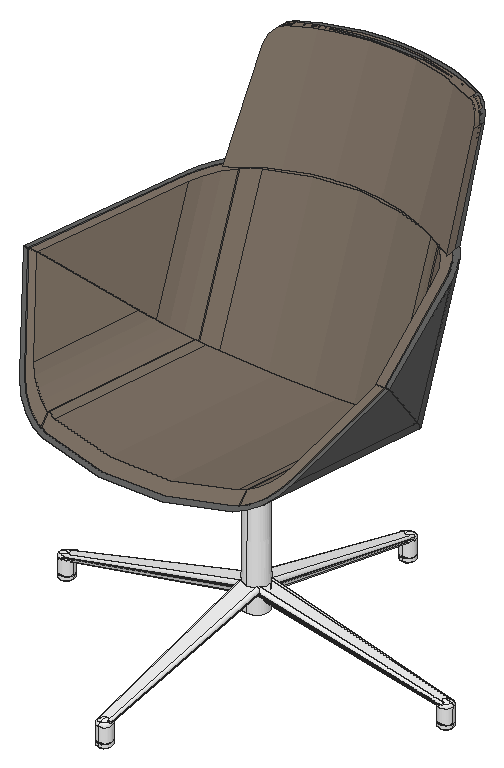
Revit family "Chair-Multi_Purpose-Allermuir-Phoulds PH4U", category Furniture, Revit 2012
Parameters (values of type "PH4U")
  ecoScorecard_data = "http://thesenatorgroup.ecoscorecard.com/product/PH1"
  ecoScorecard Product Page = "http://products.ecoscorecard.com/allermuir/PH1?action=html"
  White Plastic Back Membrane [instance] = no
  Weight = 18.0 lbf
  Upholstered Seat = ""
  Upholstered Back = ""
  URL = "http://www.allermuir.net/Default.aspx"
  Two Tone Upholstery [instance] = yes
  Swaged Tubular Steel Legs = ""
  Subcategory = "Multi-Purpose"  # constant formula
  Stacks = no
  Specifications URL = ""
  Seat or Base = Fabric - Allermuir - Smooth -Pebbled - Black
  Seat Width = 19 1/4"
  Seat Height = 16 1/8"
  Seat Depth Adjustment = no
  Seat Depth = 18 1/2"
  Seat = Fabric - Allermuir - Smooth -Pebbled - Black
  Product Page URL = "http://www.allermuir.net/Products.aspx?RangeId=502"
  Product Line = "Phoulds"  # constant formula
  Pricing URL = ""
  Polished Aluminum Arm Carrier [instance] = yes
  Plugin Data URL = "http://products.ecoscorecard.com/thesenatorgroup/PH1"
  Plastic Arms in Black = ""
  Pedestal Base = ""
  Overall Width = 23 1/2"
  Overall Height = 35"
  Overall Depth = 22 1/4"
  Optional Feature Notes = "Retracktable linking facility, soft touchh arm pads, polished aluminum frame"
  Negative Seat Tilt = no
  Model = "PH4U"  # constant formula
  Manufacturer Toll Free Phone = "(888) 887 5806"  # constant formula
  Manufacturer Phone = "(419) 887 5806"  # constant formula
  Manufacturer Fax = "(419) 887 5805"  # constant formula
  Manufacturer Email = "mailto:contact@allermuir-na.com"
  Manufacturer Address = "1630 Holland Road, Maumee, Ohio 43537 "  # constant formula
  Manufacturer = "Allermuir"  # constant formula
  Lumbar Adjustment [instance] = no
  Leg = Metal - Allermuir - Chrome - Polished
  LEED Stats URL = ""
  Height Adjustable Arms with Multi funtction Pad = no
  Height Adjustable Arms = no
  Glides = Fabric - Allermuir - Smooth -Pebbled - Black
  Glides = Fabric - Allermuir - Smooth -Pebbled - Black
  Fabric Spec Sheets = "http://www.allermuir.net/Services/File.ashx?Type=B&Id=51"
  Detachable writing table = no
  Description = ""
  Cushion = Plastic - Allermuir - Canvas - Brown
  Color Availability = "See price list for material options"
  Caster Options [instance] = "NO"
  CAD Blocks URL = ""
  Brochure URL = ""
  Black Plastic Back Membrane = no
  Black Gas Lift = no
  Black GRP Base = no
  Black Components = yes
  Base or Frame = ""
  Base Type = ""
  Base 2 = yes
  Base = Metal - Allermuir - Chrome - Polished
  Base = Metal - Allermuir - Chrome - Polished
  Back frame with integral arms in a soft touch Plastic [instance] = no
  Assembly Code = "E2020200"
  Arm Height = 25 1/8"
  Airflow Back Mesh = no
  Advanced Sync Tilt with Multi Position Back = no
  95 CSI = "12510"  # constant formula
  2.5" Casters = no
  04 CSI = "12 51 00"  # constant formula
Reference planes (in)
  plane 1 "Center Front/Back": y = 0
  plane 2: z = 0
  plane 3 "Center Left/Right": x = 0
  plane 4: z = 16.125
  plane 5: through (0, -10.22784, 13.88249) normal (0, -0.1219, -0.9925)
  plane 6: x = -11.75
  plane 7: x = 11.75
  plane 8: y = 11.125
  plane 9: y = -11.125
  plane 10: z = 35
  plane 11: z = 25.125
Forms (in)
  Sweep 1, solid, material "Fabric - Allermuir - Smooth -Pebbled - Black" <- "Seat"
    path origin (0, -0.25, -0.75) x (0, 1, 0) y (0, 0, 1)
      loop
        line (-11.89844, 16.3655) -> (9.2707, 14.51344)
    profile origin (0, -1.56387, 14.68947) x (0, 0.087156, 0.996195) y (1, 0, 0)
      loop
        line (10.22646, -14.1297) -> (10.35417, -13.85584) -> (4.13518, -10.19268)
        arc (4.13518, -10.19268) -> (2.67616, -8.88237) -> (1.84056, -7.10827) r 4.94922
        arc (1.84056, -7.10827) -> (0.98083, 0.04523) -> (1.86232, 7.19607) r 29.81321
        arc (1.86232, 7.19607) -> (2.6988, 8.9616) -> (4.15333, 10.26587) r 4.94922
        line (4.15333, 10.26587) -> (10.11837, 13.77945) -> (9.96571, 14.03861) -> (4.00067, 10.52503)
        arc (4.00067, 10.52503) -> (2.45775, 9.14149) -> (1.57043, 7.26867) r 5.25
        arc (1.57043, 7.26867) -> (0.68004, 0.04568) -> (1.54845, -7.17998) r 30.11399
        arc (1.54845, -7.17998) -> (2.43483, -9.0619) -> (3.98253, -10.45185) r 5.25
        line (3.98253, -10.45185) -> (10.22646, -14.1297)
  Extrusion 2, void
    sketch origin (0, 0, 0) x (0, 1, 0) y (0, 0, 1)
      loop
        line (-4.75953, 24.9148) -> (6.57868, 14.34174) -> (10.07868, 14.34174) -> (10.07868, 26.84174) -> (-12.88911, 26.84174) -> (-12.88911, 15.34246) -> (-4.75953, 24.9148)
    from -16.14134 to 16.94603
  Sweep 3, solid, material "Fabric - Allermuir - Smooth -Pebbled - Black" <- "Seat"
    path origin (0, 22.76748, 13.84241) x (0, -0.433838, -0.900991) y (0, -0.900991, 0.433838)
      loop
        line (-11.89844, 16.3655) -> (9.2707, 14.51344)
    profile origin (0, 9.42666, 21.72442) x (0, 0.935374, -0.35366) y (1, 0, 0)
      loop
        spline (-5.4924, -10.45185) -> (-5.03765, -10.25909) -> (-4.60738, -10.0486) -> (-4.20083, -9.81986) -> (-3.81693, -9.57207) -> (-3.45775, -9.30674) -> (-3.12791, -9.02722) -> (-2.8272, -8.73288) -> (-2.5561, -8.42481) -> (-2.31794, -8.10668) -> (-2.11372, -7.77959) -> (-1.9423, -7.4423) -> (-1.80352, -7.09461)
        spline (-1.80352, -7.09461) -> (-1.41658, -5.95002) -> (-1.09827, -4.781) -> (-0.84988, -3.59234) -> (-0.67245, -2.38893) -> (-0.56669, -1.17571) -> (-0.53305, 0.04233) -> (-0.57166, 1.26021) -> (-0.68236, 2.47291) -> (-0.86469, 3.67546) -> (-1.11792, 4.86293) -> (-1.44099, 6.03042) -> (-1.83259, 7.17316)
        spline (-1.83259, 7.17316) -> (-1.97178, 7.52039) -> (-2.1435, 7.85719) -> (-2.34788, 8.18376) -> (-2.58606, 8.50132) -> (-2.8571, 8.80883) -> (-3.15771, 9.1027) -> (-3.48729, 9.38173) -> (-3.84615, 9.64661) -> (-4.22969, 9.894) -> (-4.63579, 10.1224) -> (-5.06554, 10.33256) -> (-5.51967, 10.52503)
        line (-5.51967, 10.52503) -> (-14.62913, 14.09526) -> (-14.74772, 13.79266) -> (-5.7491, 10.26587)
        spline (-5.7491, 10.26587) -> (-5.32075, 10.08432) -> (-4.91542, 9.88607) -> (-4.53239, 9.67062) -> (-4.17067, 9.43723) -> (-3.83225, 9.18735) -> (-3.52145, 8.92412) -> (-3.23801, 8.64688) -> (-2.98248, 8.35677) -> (-2.75797, 8.0572) -> (-2.56536, 7.74912) -> (-2.40357, 7.43137) -> (-2.27247, 7.10379)
        spline (-2.27247, 7.10379) -> (-1.88454, 5.97216) -> (-1.56448, 4.81598) -> (-1.31362, 3.64003) -> (-1.13298, 2.44911) -> (-1.02331, 1.24814) -> (-0.98506, 0.04204) -> (-1.01838, -1.16422) -> (-1.12314, -2.36571) -> (-1.29891, -3.55747) -> (-1.54496, -4.73461) -> (-1.86029, -5.8923) -> (-2.24359, -7.02578)
        spline (-2.24359, -7.02578) -> (-2.37431, -7.35378) -> (-2.53582, -7.67195) -> (-2.7283, -7.9805) -> (-2.95278, -8.28059) -> (-3.20837, -8.57119) -> (-3.49191, -8.84886) -> (-3.80293, -9.11253) -> (-4.14164, -9.36283) -> (-4.50369, -9.59657) -> (-4.88711, -9.81233) -> (-5.29292, -10.01087) -> (-5.72183, -10.19268)
        line (-5.72183, -10.19268) -> (-14.80799, -13.75378) -> (-14.6894, -14.05638) -> (-5.4924, -10.45185)
  Extrusion 4, void
    sketch origin (0, 0, 0) x (0, 1, 0) y (0, 0, 1)
      loop
        line (-4.75953, 24.9148) -> (12.33337, 27.65431) -> (13.49805, 32.00097) -> (-1.1601, 37.3361) -> (-9.16581, 16.4805) -> (5.18886, 11.25583) -> (6.72972, 14.2009) -> (-4.75953, 24.9148)
    from 20.2764 to -20.71072
  Sweep 5, solid, material "Fabric - Allermuir - Smooth -Pebbled - Black" <- "Seat"
    path origin (-0.02347, 23.12518, 13.84241) x (0.000781, -0.433837, -0.900991) y (-0.001623, 0.900989, -0.433838)
      loop
        line (-18.3737, -16.93201) -> (-5.42317, -15.79899) -> (-4.92507, -15.75541)
    profile origin (-0.00621, 13.54202, 31.66276) x (-0.001685, 0.935372, -0.35366) y (0.999998, 0.001801, 0)
      loop
        arc (-3.86573, 9.40569) -> (-1.32683, 0) -> (-3.86573, -9.40569) r 18.69174
        line (-3.86573, -9.40569) -> (-3.51518, -9.55048)
        arc (-3.51518, -9.55048) -> (-0.83787, 0) -> (-3.51518, 9.55048) r 18.37285
        line (-3.51518, 9.55048) -> (-3.86573, 9.40569)
  Sweep 6, solid, material "Plastic - Allermuir - Canvas - Brown" <- "Cushion"
    path origin (0.09758, 22.82449, 13.84241) x (-0.002678, -0.43383, -0.900991) y (0.005562, 0.900974, -0.433838)
      loop
        line (-18.7153, -16.31202) -> (-4.73596, -15.55155)
    profile origin (0.04037, 13.55729, 31.3189) x (0.005699, 0.923209, -0.384256) y (0.999981, -0.006173, 0)
      loop
        arc (-4.30764, 9.32642) -> (-1.94309, -0.00016) -> (-4.30567, -9.32723) r 19.584
        line (-4.30567, -9.32723) -> (-3.86932, -9.50746)
        arc (-3.86932, -9.50746) -> (-1.40683, 0.00594) -> (-3.79429, 9.53845) r 19.91113
        line (-3.79429, 9.53845) -> (-4.30764, 9.32642)
  Sweep 7, solid, material "Plastic - Allermuir - Canvas - Brown" <- "Cushion"
    path origin (0, -0.25, -0.71875) x (0, 1, 0) y (0, 0, 1)
      loop
        line (-11.89844, 16.3655) -> (9.2707, 14.51344)
    profile origin (0, -1.56387, 14.72072) x (0, 0.087156, 0.996195) y (1, 0, 0)
      loop
        line (10.22255, -13.77831) -> (10.4683, -13.2513) -> (4.84462, -9.93879)
        arc (4.84462, -9.93879) -> (3.42173, -8.66094) -> (2.60682, -6.93077) r 4.82665
        arc (2.60682, -6.93077) -> (1.76838, 0.04557) -> (2.62804, 7.01932) r 29.07487
        arc (2.62804, 7.01932) -> (3.44381, 8.74112) -> (4.86231, 10.01309) r 4.82665
        line (4.86231, 10.01309) -> (10.26202, 13.19367) -> (9.96825, 13.6924) -> (4.15094, 10.26584)
        arc (4.15094, 10.26584) -> (2.64623, 8.91656) -> (1.78088, 7.09012) r 5.11998
        arc (1.78088, 7.09012) -> (0.91255, 0.04601) -> (1.75945, -7.0007) r 29.3682
        arc (1.75945, -7.0007) -> (2.62388, -8.83602) -> (4.13325, -10.19154) r 5.11998
        line (4.13325, -10.19154) -> (10.22255, -13.77831)
  Extrusion 8, void
    sketch origin (0, 0, 0) x (1, 0, 0) y (0, 0, 1)
      loop
        line (-7.58883, 29.26654) -> (-7.58883, 16.04692) -> (-7.55758, 16.04692) -> (-7.55758, 29.26654) -> (-7.58883, 29.26654)
    from -14.27915 to 18.22316
  Extrusion 9, void
    sketch origin (0, 0, 0) x (-1, 0, 0) y (0, 0, -1)
      loop
        line (-7.58883, -32.00097) -> (-7.55758, -32.00097) -> (-7.55758, -16.04692) -> (-7.58883, -16.04692) -> (-7.58883, -32.00097)
    from -14.27915 to 18.22316
  Sweep 10, solid, material "Plastic - Allermuir - Canvas - Brown" <- "Cushion"
    path origin (0, 22.01748, 13.84241) x (0, -0.433838, -0.900991) y (0, 0.900991, -0.433838)
      loop
        line (-11.89844, -16.3655) -> (9.2707, -14.51344)
    profile origin (0, 8.67666, 21.72442) x (0, 0.935374, -0.35366) y (1, 0, 0)
      loop
        spline (-5.08918, -10.14231) -> (-4.64354, -9.95341) -> (-4.22188, -9.74714) -> (-3.82347, -9.52298) -> (-3.44725, -9.28015) -> (-3.09526, -9.02013) -> (-2.77203, -8.74621) -> (-2.47734, -8.45776) -> (-2.21166, -8.15586) -> (-1.97828, -7.8441) -> (-1.77814, -7.52355) -> (-1.61016, -7.19302) -> (-1.47415, -6.85229)
        spline (-1.47415, -6.85229) -> (-1.09953, -5.74383) -> (-0.79154, -4.61166) -> (-0.55146, -3.46046) -> (-0.38027, -2.29497) -> (-0.27868, -1.12) -> (-0.24712, 0.05959) -> (-0.28571, 1.23893) -> (-0.3943, 2.41317) -> (-0.57243, 3.57744) -> (-0.81936, 4.72695) -> (-1.13409, 5.85695) -> (-1.51531, 6.96278)
        spline (-1.51531, 6.96278) -> (-1.64957, 7.29769) -> (-1.8152, 7.62256) -> (-2.01234, 7.93755) -> (-2.24207, 8.24385) -> (-2.5035, 8.54046) -> (-2.79345, 8.82391) -> (-3.11135, 9.09304) -> (-3.45749, 9.34853) -> (-3.82742, 9.58716) -> (-4.21913, 9.80745) -> (-4.63364, 10.01016) -> (-5.07167, 10.19581)
        line (-5.07167, 10.19581) -> (-14.28594, 13.80711) -> (-14.50953, 13.23662) -> (-4.93841, 9.48546)
        arc (-4.93841, 9.48546) -> (-3.16873, 8.30613) -> (-2.04926, 6.498) r 5
        arc (-2.04926, 6.498) -> (-0.93367, 0.04985) -> (-2.01629, -6.40392) r 19.4809
        arc (-2.01629, -6.40392) -> (-3.13536, -8.22697) -> (-4.9139, -9.41549) r 5
        line (-4.9139, -9.41549) -> (-14.56774, -13.19907) -> (-14.34415, -13.76956) -> (-5.08918, -10.14231)
  Extrusion 11, void
    sketch origin (0, 0, 0) x (1, 0, 0) y (0, 0, 1)
      loop
        line (8.60524, 26.84917) -> (8.13215, 33.95942)
        arc (8.13215, 33.95942) -> (7.74219, 34.81287) -> (6.88461, 35.19367) r 1.32422
        arc (6.88461, 35.19367) -> (0.03374, 35.39764) -> (-6.81849, 35.24573) r 132.00045
        arc (-6.81849, 35.24573) -> (-7.68094, 34.86951) -> (-8.07577, 34.01542) r 1.32422
        line (-8.07577, 34.01542) -> (-8.57624, 26.85841)
        arc (-8.57624, 26.85841) -> (0.01478, 27.36955) -> (8.60524, 26.84917) r 71.80353
      loop
        line (9.65231, 25.20039) -> (9.65231, 39.70039) -> (-10.47269, 39.70039) -> (-10.47269, 25.20039) -> (9.65231, 25.20039)
    from -15.49215 to -5.98762
  Extrusion 12, solid, material "Metal - Allermuir - Chrome - Polished" <- "Base", visible <- "Base 2"
    sketch origin (0, 2.32732, 14.55375) x (0, 0.996482, -0.083813) y (-1, 0, 0)
      loop
        circle (-2.34349, 0) r 2.95218
    from 0.23477 to 0.63973
  Revolve 13, solid, material "Metal - Allermuir - Chrome - Polished" <- "Base", visible <- "Base 2"
    sketch origin (0, 0, 0) x (0, 1, 0) y (0, 0, 1)
      loop
        line (0.91545, 15.20843) -> (0, 15.20843) -> (0, 3.03886) -> (0.89794, 3.03886) -> (0.78959, 12.79999) -> (0.91545, 12.79999) -> (0.91545, 15.20843)
      axis (0, 15.20843) -> (0, 3.03886)
    angle from 0 to 360
  SweptBlend 14, solid, material "Metal - Allermuir - Chrome - Polished" <- "Base", visible <- "Base 2"
    path origin (0, 0.41515, 15.26006) x (0, 0.99303, 0.117861) y (-1, 0, 0)
      loop
        line (-2.35152, 0) -> (-16.42951, 0)
    profile origin (0, -1.91998, 14.98291) x (1, 0, 0) y (0, -0.117861, 0.99303)
      loop
        arc (-0.58196, -10.10113) -> (-0.7789, -10.19802) -> (-0.84908, -10.40598) r 0.28584
        arc (-0.84908, -10.40598) -> (-0.84517, -10.44526) -> (-0.83886, -10.48422) r 0.64331
        arc (-0.83886, -10.48422) -> (-0.82082, -10.52084) -> (-0.78669, -10.54323) r 0.07755
        arc (-0.78669, -10.54323) -> (-0.418, -10.77549) -> (-0.20431, -11.15525) r 0.88744
        arc (-0.20431, -11.15525) -> (0.00001, -11.31159) -> (0.20433, -11.15525) r 0.21168
        arc (0.20433, -11.15525) -> (0.418, -10.77551) -> (0.78665, -10.54324) r 0.88744
        arc (0.78665, -10.54324) -> (0.82083, -10.52082) -> (0.83888, -10.48416) r 0.07763
        arc (0.83888, -10.48416) -> (0.84513, -10.44563) -> (0.84904, -10.40679) r 0.64331
        arc (0.84904, -10.40679) -> (0.77905, -10.19864) -> (0.58208, -10.10153) r 0.28589
        arc (0.58208, -10.10153) -> (0.00007, -10.08285) -> (-0.58196, -10.10113) r 9.17184
    end profile origin (0, -15.89985, 13.32366) x (1, 0, 0) y (0, -0.117861, 0.99303)
      loop
        arc (-0.30426, -11.64369) -> (-0.40723, -11.69434) -> (-0.44392, -11.80307) r 0.14944
        arc (-0.44392, -11.80307) -> (-0.44188, -11.82361) -> (-0.43858, -11.84397) r 0.33634
        arc (-0.43858, -11.84397) -> (-0.42915, -11.86312) -> (-0.4113, -11.87482) r 0.04054
        arc (-0.4113, -11.87482) -> (-0.21854, -11.99626) -> (-0.10682, -12.1948) r 0.46398
        arc (-0.10682, -12.1948) -> (0, -12.27654) -> (0.10683, -12.1948) r 0.11067
        arc (0.10683, -12.1948) -> (0.21854, -11.99627) -> (0.41128, -11.87483) r 0.46398
        arc (0.41128, -11.87483) -> (0.42915, -11.86311) -> (0.43859, -11.84394) r 0.04059
        arc (0.43859, -11.84394) -> (0.44185, -11.8238) -> (0.4439, -11.8035) r 0.33634
        arc (0.4439, -11.8035) -> (0.40731, -11.69467) -> (0.30433, -11.6439) r 0.14947
        arc (0.30433, -11.6439) -> (0.00003, -11.63413) -> (-0.30426, -11.64369) r 4.79526
  Revolve 15, solid, material "Metal - Allermuir - Chrome - Polished" <- "Base", visible <- "Base 2"
    sketch origin (0, 0, 0) x (0, 1, 0) y (0, 0, 1)
      loop
        line (-14.88865, 0.11054) -> (-14.88865, 0) -> (-14.46724, 0) -> (-14.46724, 1.85456)
        arc (-14.46724, 1.85456) -> (-14.67368, 1.79066) -> (-14.86948, 1.69923) r 1.5829
        arc (-14.86948, 1.69923) -> (-14.96384, 1.60744) -> (-14.99849, 1.48045) r 0.25
        line (-14.99849, 1.48045) -> (-14.99849, 0.39013)
        arc (-14.99849, 0.39013) -> (-14.99417, 0.36841) -> (-14.98187, 0.34999) r 0.05676
        line (-14.98187, 0.34999) -> (-14.95548, 0.32361) -> (-14.99849, 0.32361) -> (-14.99849, 0.11054) -> (-14.88865, 0.11054)
      axis (-14.46724, 1.85456) -> (-14.46724, 0)
    angle from 0 to 360
  SweptBlend 16, solid, material "Metal - Allermuir - Chrome - Polished" <- "Base", visible <- "Base 2"
    path origin (-0.41515, 0, 15.26006) x (-0.99303, 0, 0.117861) y (0, -1, 0)
      loop
        line (-2.35152, 0) -> (-16.42951, 0)
    profile origin (1.91998, 0, 14.98291) x (0, 1, 0) y (0.117861, 0, 0.99303)
      loop
        arc (-0.58196, -10.10113) -> (-0.7789, -10.19802) -> (-0.84908, -10.40598) r 0.28584
        arc (-0.84908, -10.40598) -> (-0.84517, -10.44526) -> (-0.83886, -10.48422) r 0.64331
        arc (-0.83886, -10.48422) -> (-0.82082, -10.52084) -> (-0.78669, -10.54323) r 0.07755
        arc (-0.78669, -10.54323) -> (-0.418, -10.77549) -> (-0.20431, -11.15525) r 0.88744
        arc (-0.20431, -11.15525) -> (0.00001, -11.31159) -> (0.20433, -11.15525) r 0.21168
        arc (0.20433, -11.15525) -> (0.418, -10.77551) -> (0.78665, -10.54324) r 0.88744
        arc (0.78665, -10.54324) -> (0.82083, -10.52082) -> (0.83888, -10.48416) r 0.07763
        arc (0.83888, -10.48416) -> (0.84513, -10.44563) -> (0.84904, -10.40679) r 0.64331
        arc (0.84904, -10.40679) -> (0.77905, -10.19864) -> (0.58208, -10.10153) r 0.28589
        arc (0.58208, -10.10153) -> (0.00007, -10.08285) -> (-0.58196, -10.10113) r 9.17184
    end profile origin (15.89985, 0, 13.32366) x (0, 1, 0) y (0.117861, 0, 0.99303)
      loop
        arc (-0.30426, -11.64369) -> (-0.40723, -11.69434) -> (-0.44392, -11.80307) r 0.14944
        arc (-0.44392, -11.80307) -> (-0.44188, -11.82361) -> (-0.43858, -11.84397) r 0.33634
        arc (-0.43858, -11.84397) -> (-0.42915, -11.86312) -> (-0.4113, -11.87482) r 0.04054
        arc (-0.4113, -11.87482) -> (-0.21854, -11.99626) -> (-0.10682, -12.1948) r 0.46398
        arc (-0.10682, -12.1948) -> (0, -12.27654) -> (0.10683, -12.1948) r 0.11067
        arc (0.10683, -12.1948) -> (0.21854, -11.99627) -> (0.41128, -11.87483) r 0.46398
        arc (0.41128, -11.87483) -> (0.42915, -11.86311) -> (0.43859, -11.84394) r 0.04059
        arc (0.43859, -11.84394) -> (0.44185, -11.8238) -> (0.4439, -11.8035) r 0.33634
        arc (0.4439, -11.8035) -> (0.40731, -11.69467) -> (0.30433, -11.6439) r 0.14947
        arc (0.30433, -11.6439) -> (0.00003, -11.63413) -> (-0.30426, -11.64369) r 4.79526
  SweptBlend 17, solid, material "Metal - Allermuir - Chrome - Polished" <- "Base", visible <- "Base 2"
    path origin (0, -0.41515, 15.26006) x (0, -0.99303, 0.117861) y (1, 0, 0)
      loop
        line (-2.35152, 0) -> (-16.42951, 0)
    profile origin (0, 1.91998, 14.98291) x (-1, 0, 0) y (0, 0.117861, 0.99303)
      loop
        arc (-0.58196, -10.10113) -> (-0.7789, -10.19802) -> (-0.84908, -10.40598) r 0.28584
        arc (-0.84908, -10.40598) -> (-0.84517, -10.44526) -> (-0.83886, -10.48422) r 0.64331
        arc (-0.83886, -10.48422) -> (-0.82082, -10.52084) -> (-0.78669, -10.54323) r 0.07755
        arc (-0.78669, -10.54323) -> (-0.418, -10.77549) -> (-0.20431, -11.15525) r 0.88744
        arc (-0.20431, -11.15525) -> (0.00001, -11.31159) -> (0.20433, -11.15525) r 0.21168
        arc (0.20433, -11.15525) -> (0.418, -10.77551) -> (0.78665, -10.54324) r 0.88744
        arc (0.78665, -10.54324) -> (0.82083, -10.52082) -> (0.83888, -10.48416) r 0.07763
        arc (0.83888, -10.48416) -> (0.84513, -10.44563) -> (0.84904, -10.40679) r 0.64331
        arc (0.84904, -10.40679) -> (0.77905, -10.19864) -> (0.58208, -10.10153) r 0.28589
        arc (0.58208, -10.10153) -> (0.00007, -10.08285) -> (-0.58196, -10.10113) r 9.17184
    end profile origin (0, 15.89985, 13.32366) x (-1, 0, 0) y (0, 0.117861, 0.99303)
      loop
        arc (-0.30426, -11.64369) -> (-0.40723, -11.69434) -> (-0.44392, -11.80307) r 0.14944
        arc (-0.44392, -11.80307) -> (-0.44188, -11.82361) -> (-0.43858, -11.84397) r 0.33634
        arc (-0.43858, -11.84397) -> (-0.42915, -11.86312) -> (-0.4113, -11.87482) r 0.04054
        arc (-0.4113, -11.87482) -> (-0.21854, -11.99626) -> (-0.10682, -12.1948) r 0.46398
        arc (-0.10682, -12.1948) -> (0, -12.27654) -> (0.10683, -12.1948) r 0.11067
        arc (0.10683, -12.1948) -> (0.21854, -11.99627) -> (0.41128, -11.87483) r 0.46398
        arc (0.41128, -11.87483) -> (0.42915, -11.86311) -> (0.43859, -11.84394) r 0.04059
        arc (0.43859, -11.84394) -> (0.44185, -11.8238) -> (0.4439, -11.8035) r 0.33634
        arc (0.4439, -11.8035) -> (0.40731, -11.69467) -> (0.30433, -11.6439) r 0.14947
        arc (0.30433, -11.6439) -> (0.00003, -11.63413) -> (-0.30426, -11.64369) r 4.79526
  Revolve 18, solid, material "Metal - Allermuir - Chrome - Polished" <- "Base", visible <- "Base 2"
    sketch origin (0, 0, 0) x (1, 0, 0) y (0, 0, 1)
      loop
        line (-14.88865, 0.11054) -> (-14.88865, 0) -> (-14.46724, 0) -> (-14.46724, 1.85456)
        arc (-14.46724, 1.85456) -> (-14.67368, 1.79066) -> (-14.86948, 1.69923) r 1.5829
        arc (-14.86948, 1.69923) -> (-14.96384, 1.60744) -> (-14.99849, 1.48045) r 0.25
        line (-14.99849, 1.48045) -> (-14.99849, 0.39013)
        arc (-14.99849, 0.39013) -> (-14.99417, 0.36841) -> (-14.98187, 0.34999) r 0.05676
        line (-14.98187, 0.34999) -> (-14.95548, 0.32361) -> (-14.99849, 0.32361) -> (-14.99849, 0.11054) -> (-14.88865, 0.11054)
      axis (-14.46724, 1.85456) -> (-14.46724, 0)
    angle from 0 to 360
  Revolve 19, solid, material "Metal - Allermuir - Chrome - Polished" <- "Base", visible <- "Base 2"
    sketch origin (0, 0, 0) x (-1, 0, 0) y (0, 0, 1)
      loop
        line (-14.88865, 0.11054) -> (-14.88865, 0) -> (-14.46724, 0) -> (-14.46724, 1.85456)
        arc (-14.46724, 1.85456) -> (-14.67368, 1.79066) -> (-14.86948, 1.69923) r 1.5829
        arc (-14.86948, 1.69923) -> (-14.96384, 1.60744) -> (-14.99849, 1.48045) r 0.25
        line (-14.99849, 1.48045) -> (-14.99849, 0.39013)
        arc (-14.99849, 0.39013) -> (-14.99417, 0.36841) -> (-14.98187, 0.34999) r 0.05676
        line (-14.98187, 0.34999) -> (-14.95548, 0.32361) -> (-14.99849, 0.32361) -> (-14.99849, 0.11054) -> (-14.88865, 0.11054)
      axis (-14.46724, 1.85456) -> (-14.46724, 0)
    angle from 0 to 360
  Revolve 20, solid, material "Metal - Allermuir - Chrome - Polished" <- "Base", visible <- "Base 2"
    sketch origin (0, 0, 0) x (0, -1, 0) y (0, 0, 1)
      loop
        line (-14.88865, 0.11054) -> (-14.88865, 0) -> (-14.46724, 0) -> (-14.46724, 1.85456)
        arc (-14.46724, 1.85456) -> (-14.67368, 1.79066) -> (-14.86948, 1.69923) r 1.5829
        arc (-14.86948, 1.69923) -> (-14.96384, 1.60744) -> (-14.99849, 1.48045) r 0.25
        line (-14.99849, 1.48045) -> (-14.99849, 0.39013)
        arc (-14.99849, 0.39013) -> (-14.99417, 0.36841) -> (-14.98187, 0.34999) r 0.05676
        line (-14.98187, 0.34999) -> (-14.95548, 0.32361) -> (-14.99849, 0.32361) -> (-14.99849, 0.11054) -> (-14.88865, 0.11054)
      axis (-14.46724, 1.85456) -> (-14.46724, 0)
    angle from 0 to 360
  SweptBlend 21, solid, material "Metal - Allermuir - Chrome - Polished" <- "Base", visible <- "Base 2"
    path origin (0.41515, 0, 15.26006) x (0.99303, 0, 0.117861) y (0, 1, 0)
      loop
        line (-2.35152, 0) -> (-16.42951, 0)
    profile origin (-1.91998, 0, 14.98291) x (0, -1, 0) y (-0.117861, 0, 0.99303)
      loop
        arc (0.58196, -10.10113) -> (-0.00007, -10.08285) -> (-0.58208, -10.10153) r 9.17184
        arc (-0.58208, -10.10153) -> (-0.77905, -10.19864) -> (-0.84904, -10.40679) r 0.28589
        arc (-0.84904, -10.40679) -> (-0.84513, -10.44563) -> (-0.83888, -10.48416) r 0.64331
        arc (-0.83888, -10.48416) -> (-0.82083, -10.52082) -> (-0.78665, -10.54324) r 0.07763
        arc (-0.78665, -10.54324) -> (-0.418, -10.77551) -> (-0.20433, -11.15525) r 0.88744
        arc (-0.20433, -11.15525) -> (-0.00001, -11.31159) -> (0.20431, -11.15525) r 0.21168
        arc (0.20431, -11.15525) -> (0.418, -10.77549) -> (0.78669, -10.54323) r 0.88744
        arc (0.78669, -10.54323) -> (0.82082, -10.52084) -> (0.83886, -10.48422) r 0.07755
        arc (0.83886, -10.48422) -> (0.84517, -10.44526) -> (0.84908, -10.40598) r 0.64331
        arc (0.84908, -10.40598) -> (0.7789, -10.19802) -> (0.58196, -10.10113) r 0.28584
    end profile origin (-15.89985, 0, 13.32366) x (0, -1, 0) y (-0.117861, 0, 0.99303)
      loop
        arc (0.30426, -11.64369) -> (-0.00003, -11.63413) -> (-0.30433, -11.6439) r 4.79526
        arc (-0.30433, -11.6439) -> (-0.40731, -11.69467) -> (-0.4439, -11.8035) r 0.14947
        arc (-0.4439, -11.8035) -> (-0.44185, -11.8238) -> (-0.43859, -11.84394) r 0.33634
        arc (-0.43859, -11.84394) -> (-0.42915, -11.86311) -> (-0.41128, -11.87483) r 0.04059
        arc (-0.41128, -11.87483) -> (-0.21854, -11.99627) -> (-0.10683, -12.1948) r 0.46398
        arc (-0.10683, -12.1948) -> (0, -12.27654) -> (0.10682, -12.1948) r 0.11067
        arc (0.10682, -12.1948) -> (0.21854, -11.99626) -> (0.4113, -11.87482) r 0.46398
        arc (0.4113, -11.87482) -> (0.42915, -11.86312) -> (0.43858, -11.84397) r 0.04054
        arc (0.43858, -11.84397) -> (0.44188, -11.82361) -> (0.44392, -11.80307) r 0.33634
        arc (0.44392, -11.80307) -> (0.40723, -11.69434) -> (0.30426, -11.64369) r 0.14944
Cuts and joins
  Extrusion 2 cuts Sweep 1
  Extrusion 4, Extrusion 9 cuts Sweep 3
  Extrusion 2, Extrusion 11 cuts Sweep 5
  Extrusion 2, Extrusion 11 cuts Sweep 6
  Extrusion 2, Extrusion 8, Extrusion 9 cuts Sweep 7
  Extrusion 4, Extrusion 8, Extrusion 9 cuts Sweep 10
Lines and regions (in)
  symbolic lines, style "Chair"
    curve 1: line (6.86822, 7.97789, 0) -> (-7.38002, 7.79109, 0)
    curve 2: spline (-8.42488, 8.09066, 0) -> (-8.62721, 7.88071, 0) -> (-8.82107, 7.66311, 0) -> (-9.00616, 7.43819, 0) -> (-9.1822, 7.2063, 0) -> (-9.34892, 6.9678, 0) -> (-9.50608, 6.72303, 0) -> (-9.65342, 6.47239, 0) -> (-9.79072, 6.21624, 0) -> (-9.91778, 5.95499, 0) -> (-10.03441, 5.68902, 0) -> (-10.14041, 5.41875, 0) -> (-10.23564, 5.14458, 0)
    curve 3: line (-9.7263, 4.8888, 0) -> (-12.99576, -4.78072, 0)
    curve 4: line (-13.58574, -4.75979, 0) -> (-10.23676, 5.14494, 0)
    curve 5: line (-13.94206, -4.75953, 0) -> (-10.45185, 5.37519, 0)
    curve 6: line (-13.59297, -4.75953, 0) -> (-13.94206, -4.75953, 0)
    curve 7: line (-13.58574, -4.75979, 0) -> (-12.99576, -4.78072, 0)
    curve 8: line (-8.54129, 3.45863, 0) -> (-12.95279, -4.65363, 0)
    curve 9: arc (-10.45185, 5.37519, 0) -> (-10.02424, 6.43349, 0) -> (-9.4884, 7.44131, 0) r 10.90969
    curve 10: arc (-9.4884, 7.44131, 0) -> (-9.0465, 8.06728, 0) -> (-8.51744, 8.62156, 0) r 5.20285
    curve 11: line (-10.45185, -9.46166, 0) -> (-13.94206, -4.75953, 0)
    curve 12: line (-13.59297, -4.75953, 0) -> (-10.16862, -9.37294, 0)
    curve 13: line (-13.02141, -4.77981, 0) -> (-9.52339, -9.41992, 0)
    curve 14: line (-7.58883, -10.7427, 0) -> (-7.58883, 7.6724, 0)
    curve 15: spline (8.41051, 8.16627, 0) -> (8.62209, 7.95272, 0) -> (8.82477, 7.73093, 0) -> (9.01824, 7.50126, 0) -> (9.20217, 7.26408, 0) -> (9.37628, 7.01977, 0) -> (9.54026, 6.76873, 0) -> (9.69387, 6.51136, 0) -> (9.83686, 6.24809, 0) -> (9.96898, 5.97933, 0) -> (10.09003, 5.70553, 0) -> (10.19981, 5.42713, 0) -> (10.29814, 5.14458, 0)
    curve 16: line (9.7888, 4.8888, 0) -> (13.0551, -4.77138, 0)
    curve 17: line (13.64824, -4.75979, 0) -> (10.29926, 5.14494, 0)
    curve 18: line (14.00456, -4.75953, 0) -> (10.51435, 5.37519, 0)
    curve 19: line (13.61641, -4.75953, 0) -> (14.00456, -4.75953, 0)
    curve 20: line (13.64824, -4.75979, 0) -> (13.05826, -4.78072, 0)
    curve 21: line (8.60379, 3.45863, 0) -> (13.01529, -4.65363, 0)
    curve 22: arc (10.51435, 5.37519, 0) -> (10.08674, 6.43349, 0) -> (9.5509, 7.44131, 0) r 10.90969
    curve 23: arc (9.5509, 7.44131, 0) -> (9.07568, 8.10737, 0) -> (8.50191, 8.69069, 0) r 5.20285
    curve 24: line (10.52503, -9.44726, 0) -> (14.00456, -4.75953, 0)
    curve 25: line (13.61641, -4.75953, 0) -> (10.10794, -9.48398, 0)
    curve 26: line (13.0551, -4.77138, 0) -> (9.66364, -9.27015, 0)
    curve 27: line (7.5931, -10.74146, 0) -> (7.5931, 7.6579, 0)
    curve 28: line (-7.18051, -11.39293, 0) -> (-10.45185, -9.46166, 0)
    curve 29: spline (7.26933, -11.37541, 0) -> (6.09287, -11.58889, 0) -> (4.90158, -11.76454, 0) -> (3.69834, -11.90194, 0) -> (2.4861, -12.00074, 0) -> (1.26781, -12.06072, 0) -> (0.04643, -12.08171, 0) -> (-1.17506, -12.06368, 0) -> (-2.39369, -12.00666, 0) -> (-3.6065, -11.9108, 0) -> (-4.81052, -11.77632, 0) -> (-6.00282, -11.60356, 0) -> (-7.18051, -11.39293, 0)
    curve 30: line (10.52503, -9.44726, 0) -> (7.26933, -11.37541, 0)
    curve 31: spline (-7.10818, -11.16125, 0) -> (-5.94236, -11.36973, 0) -> (-4.76208, -11.54074, 0) -> (-3.5702, -11.67385, 0) -> (-2.36963, -11.76874, 0) -> (-1.16329, -11.82518, 0) -> (0.04588, -11.84303, 0) -> (1.25494, -11.82225, 0) -> (2.46095, -11.76289, 0) -> (3.66096, -11.6651, 0) -> (4.85207, -11.5291, 0) -> (6.03135, -11.35524, 0) -> (7.19596, -11.14394, 0)
    curve 32: arc (-10.16493, -9.37021, 0) -> (-8.81914, -10.57734, 0) -> (-7.10818, -11.16125, 0) r 4.52472
    curve 33: arc (10.10794, -9.48398, 0) -> (8.80938, -10.59012, 0) -> (7.19596, -11.14394, 0) r 4.57686
    curve 34: spline (-9.52339, -9.41992, 0) -> (-9.43397, -9.53101, 0) -> (-9.33864, -9.64008, 0) -> (-9.23751, -9.747, 0) -> (-9.13071, -9.85165, 0) -> (-9.01837, -9.9539, 0) -> (-8.90063, -10.05363, 0) -> (-8.77762, -10.15071, 0) -> (-8.6495, -10.24502, 0) -> (-8.51643, -10.33645, 0) -> (-8.37856, -10.42488, 0) -> (-8.23607, -10.51022, 0) -> (-8.08912, -10.59236, 0)
    curve 35: arc (-8.08912, -10.59236, 0) -> (0, -11.82118, 0) -> (8.08912, -10.59236, 0) r 27.23895
    curve 36: arc (-7.15466, 4.555, 0) -> (0.03125, 5.51392, 0) -> (7.21716, 4.555, 0) r 27.404
    curve 37: arc (7.21716, 4.555, 0) -> (8.02265, 4.14869, 0) -> (8.60379, 3.45863, 0) r 2.25
    curve 38: arc (-8.54129, 3.45863, 0) -> (-7.96015, 4.14869, 0) -> (-7.15466, 4.555, 0) r 2.25
    curve 39: arc (9.66364, -9.27015, 0) -> (8.95151, -10.02072, 0) -> (8.08912, -10.59236, 0) r 4.58151
    curve 40: arc (-9.7263, 4.8888, 0) -> (-8.84662, 6.57719, 0) -> (-7.38002, 7.79109, 0) r 4.80245
    curve 41: arc (9.7888, 4.8888, 0) -> (8.71031, 6.79432, 0) -> (6.86822, 7.97789, 0) r 4.5622
    curve 42: line (-7.62117, 11.38816, 0) -> (7.59514, 11.40379, 0)
    curve 43: line (-7.62117, 11.76312, 0) -> (7.59514, 11.80718, 0)
    curve 44: line (-8.53648, 10.48076, 0) -> (-7.62117, 11.38816, 0)
    curve 45: line (-8.53648, 10.87516, 0) -> (-7.62117, 11.76312, 0)
    curve 46: line (-7.62117, 12.2532, 0) -> (-8.53648, 11.35518, 0)
    curve 47: line (8.51178, 11.40483, 0) -> (7.59514, 12.29667, 0)
    curve 48: line (7.59514, 11.40379, 0) -> (8.51178, 10.49729, 0)
    curve 49: line (-8.26602, 7.17947, 0) -> (-8.53648, 8.73076, 0)
    curve 50: line (8.51178, 8.74729, 0) -> (8.24592, 7.22192, 0)
    curve 51: line (7.59514, 11.80718, 0) -> (8.51178, 10.92542, 0)
    curve 52: line (8.51178, 8.74729, 0) -> (8.51178, 11.40483, 0)
    curve 53: line (-8.53648, 8.73076, 0) -> (-8.53648, 11.35518, 0)
    curve 54: arc (-7.62117, 12.2532, 0) -> (-0.01851, 14.19762, 0) -> (7.59514, 12.29667, 0) r 16.01436
  symbolic lines, style "Chair", visible <- "Base 2"
    curve 55: line (-12.10724, 0.50587, 0) -> (-14.32502, 0.44928, 0)
    curve 56: arc (-14.32502, 0.44928, 0) -> (-14.42198, 0.4426, 0) -> (-14.518, 0.42756, 0) r 1.12271
    curve 57: arc (-14.518, 0.42756, 0) -> (-14.52779, 0.34633, 0) -> (-14.52621, 0.26454, 0) r 0.58854
    curve 58: arc (-14.52621, 0.26454, 0) -> (-14.33172, -0.00118, 0) -> (-14.52779, -0.26574, 0) r 0.27763
    curve 59: arc (-14.52779, -0.26574, 0) -> (-14.52711, -0.34701, 0) -> (-14.51798, -0.42777, 0) r 0.78113
    curve 60: arc (-14.51798, -0.42777, 0) -> (-14.44038, -0.44079, 0) -> (-14.3622, -0.44966, 0) r 1.4778
    curve 61: arc (-14.3622, -0.44966, 0) -> (-13.41072, -0.48122, 0) -> (-12.45922, -0.51213, 0) r 1393.11984
    curve 62: arc (-14.99849, 0, 0) -> (-14.72664, 0.46362, 0) -> (-14.18931, 0.45275, 0) r 0.53125
    curve 63: arc (-14.17602, -0.44431, 0) -> (-14.71974, -0.46741, 0) -> (-14.99849, 0, 0) r 0.53125
    curve 64: line (-0.50667, -12.07575, 0) -> (-0.44928, -14.32502, 0)
    curve 65: arc (-0.44928, -14.32502, 0) -> (-0.4426, -14.42198, 0) -> (-0.42756, -14.518, 0) r 1.12271
    curve 66: arc (-0.42756, -14.518, 0) -> (-0.34633, -14.52779, 0) -> (-0.26454, -14.52621, 0) r 0.58854
    curve 67: arc (-0.26454, -14.52621, 0) -> (0.00118, -14.33172, 0) -> (0.26574, -14.52779, 0) r 0.27763
    curve 68: arc (0.26574, -14.52779, 0) -> (0.34701, -14.52711, 0) -> (0.42777, -14.51798, 0) r 0.78113
    curve 69: arc (0.42777, -14.51798, 0) -> (0.44079, -14.44038, 0) -> (0.44966, -14.3622, 0) r 1.4778
    curve 70: arc (0, -14.99849, 0) -> (-0.46362, -14.72664, 0) -> (-0.45275, -14.18931, 0) r 0.53125
    curve 71: arc (0.45487, -14.1928, 0) -> (0.46261, -14.72842, 0) -> (0, -14.99849, 0) r 0.53125
    curve 72: arc (-0.44295, 14.17395, 0) -> (-0.44853, 14.34657, 0) -> (-0.42756, 14.518, 0) r 1.12271
    curve 73: arc (-0.42756, 14.518, 0) -> (-0.34633, 14.52779, 0) -> (-0.26454, 14.52621, 0) r 0.58854
    curve 74: arc (-0.26454, 14.52621, 0) -> (0.00118, 14.33172, 0) -> (0.26574, 14.52779, 0) r 0.27763
    curve 75: arc (0.26574, 14.52779, 0) -> (0.34701, 14.52711, 0) -> (0.42777, 14.51798, 0) r 0.78113
    curve 76: arc (0.42777, 14.51798, 0) -> (0.4502, 14.35588, 0) -> (0.45456, 14.19229, 0) r 1.4778
    curve 77: arc (0, 14.99849, 0) -> (-0.46799, 14.71866, 0) -> (-0.44295, 14.17395, 0) r 0.53125
    curve 78: arc (0.45456, 14.19229, 0) -> (0.46276, 14.72816, 0) -> (0, 14.99849, 0) r 0.53125
    curve 79: line (0.44966, -14.3622, 0) -> (0.52004, -12.07374, 0)
    curve 80: line (12.22532, 0.50286, 0) -> (14.32502, 0.44928, 0)
    curve 81: arc (14.32502, 0.44928, 0) -> (14.42198, 0.4426, 0) -> (14.518, 0.42756, 0) r 1.12271
    curve 82: arc (14.518, 0.42756, 0) -> (14.52779, 0.34633, 0) -> (14.52621, 0.26454, 0) r 0.58854
    curve 83: arc (14.52621, 0.26454, 0) -> (14.33172, -0.00118, 0) -> (14.52779, -0.26574, 0) r 0.27763
    curve 84: arc (14.52779, -0.26574, 0) -> (14.52711, -0.34701, 0) -> (14.51798, -0.42777, 0) r 0.78113
    curve 85: arc (14.51798, -0.42777, 0) -> (14.44038, -0.44079, 0) -> (14.3622, -0.44966, 0) r 1.4778
    curve 86: arc (14.99849, 0, 0) -> (14.72664, 0.46362, 0) -> (14.18931, 0.45275, 0) r 0.53125
    curve 87: arc (14.17602, -0.44431, 0) -> (14.71974, -0.46741, 0) -> (14.99849, 0, 0) r 0.53125
    curve 88: line (14.17602, -0.44431, 0) -> (12.5283, -0.50991, 0)
Dimensions and locks (in)
  "Seat Height": plane 4 to level
  equal spacing: plane 6, plane 3 "Center Left/Right", plane 7
  "Overall Width": plane 6 to plane 7
  equal spacing: plane 8, plane 1 "Center Front/Back", plane 9
  "Overall Depth": plane 8 to plane 9
  "Overall Height": plane 10 to level
  "Arm Height": plane 11 to level
  aligned and locked: Revolve 13 sketch curve to Revolve 13 sketch curve  (x2)
Automatic sketch dimensions
  Sweep 1 sketch curve to plane 4 = 0.5095"
  plane 9 to Sweep 1 sketch curve = 1 3/128"
  Sweep 1 sketch curve to plane 8 = 2.1043"
  Sweep 1 sketch curve to plane 4 = 2.36156"
  Sweep 1 sketch curve to Sweep 1 sketch curve = 0"  (x10)
  Sweep 1 sketch curve to profile plane = 1.54845"
  Sweep 1 sketch curve to profile plane = 1.57043"
  Sweep 1 sketch curve to Sweep 1 sketch curve = 0.29211"
  Sweep 1 sketch curve to Sweep 1 sketch curve = 2.14197"
  Sweep 1 sketch curve to Sweep 1 sketch curve = 2.13836"
  Sweep 1 sketch curve to Sweep 1 sketch curve = 0.15265"  (x3)
  Sweep 1 sketch curve to Sweep 1 sketch curve = 2.51187"  (x2)
  Sweep 1 sketch curve to Sweep 1 sketch curve = 5.96504"
  Sweep 1 sketch curve to Sweep 1 sketch curve = 6.24393"
  Sweep 1 sketch curve to Sweep 1 sketch curve = 0.1277"
  Sweep 1 sketch curve to profile plane = 0.00012"
  Sweep 1 sketch curve to Sweep 1 sketch curve = 20.43983"
  Sweep 1 sketch curve to profile plane = 5.92826"
  Sweep 1 sketch curve to Sweep 1 sketch curve = 3.66316"
  Sweep 1 sketch curve to Sweep 1 sketch curve = 0.27386"
  Extrusion 2 sketch curve to plane 4 = 0.78254"
  plane 9 to Extrusion 2 sketch curve = 1.76411"
  Extrusion 2 sketch curve to plane 11 = 0.2102"
  plane 1 "Center Front/Back" to Extrusion 2 sketch curve = 4.75953"
  Extrusion 2 sketch curve to plane 4 = 1.78326"
  Extrusion 2 sketch curve to plane 8 = 4.54632"
  Extrusion 2 sketch curve to plane 8 = 1.04632"
  plane 11 to Extrusion 2 sketch curve = 1.71674"
  Sweep 3 sketch curve to plane 8 = 2.0593"
  plane 10 to Sweep 3 sketch curve = 3.33724"
  Sweep 3 sketch curve to Sweep 3 sketch curve = 21.16914"
  Sweep 3 sketch curve to Sweep 3 sketch curve = 1.85206"
  profile plane to Sweep 3 sketch curve = 18.40567"
  profile plane to Sweep 3 sketch curve = 18.12942"
  Sweep 3 sketch curve to Sweep 3 sketch curve = 3.59768"
  Sweep 3 sketch curve to Sweep 3 sketch curve = 3.3817"
  Sweep 3 sketch curve to profile plane = 14.05638"
  Sweep 3 sketch curve to Sweep 3 sketch curve = 0.1186"  (x2)
  profile plane to Sweep 3 sketch curve = 14.09526"
  profile plane to Sweep 3 sketch curve = 5.7491"
  profile plane to Sweep 3 sketch curve = 5.72183"
  Sweep 3 sketch curve to Sweep 3 sketch curve = 0.22943"  (x2)
  profile plane to Sweep 3 sketch curve = 2.27247"
  profile plane to Sweep 3 sketch curve = 2.24359"
  Sweep 3 sketch curve to Sweep 3 sketch curve = 0.43989"
  Sweep 3 sketch curve to Sweep 3 sketch curve = 0.44007"
  Sweep 3 sketch curve to Sweep 3 sketch curve = 4.77051"
  Sweep 3 sketch curve to Sweep 3 sketch curve = 0.3026"
  Sweep 3 sketch curve to Sweep 3 sketch curve = 3.35724"
  Sweep 3 sketch curve to Sweep 3 sketch curve = 0.06883"
  profile plane to Sweep 3 sketch curve = 0.00045"
  profile plane to Sweep 3 sketch curve = 0.00046"
  Sweep 3 sketch curve to Sweep 3 sketch curve = 0.06937"
  Sweep 3 sketch curve to Sweep 3 sketch curve = 3.16208"
  plane 4 to Extrusion 4 sketch curve = 0.3555"
  Extrusion 4 sketch curve to plane 9 = 1.95919"
  Extrusion 4 sketch curve to plane 11 = 0.2102"
  plane 1 "Center Front/Back" to Extrusion 4 sketch curve = 4.75953"
  plane 1 "Center Front/Back" to Extrusion 4 sketch curve = 1.1601"
  Extrusion 4 sketch curve to plane 1 "Center Front/Back" = 5.18886"
  Extrusion 4 sketch curve to plane 4 = 1.9241"
  Extrusion 4 sketch curve to Extrusion 4 sketch curve = 1.54086"
  plane 8 to Extrusion 4 sketch curve = 1.20837"
  plane 8 to Extrusion 4 sketch curve = 2.37305"
  Extrusion 4 sketch curve to Extrusion 4 sketch curve = 2.94507"
  plane 11 to Extrusion 4 sketch curve = 2.52931"
  Extrusion 4 sketch curve to plane 10 = 2.99903"
  plane 10 to Extrusion 4 sketch curve = 2.3361"
  profile plane to Sweep 5 sketch curve = 0"  (x2)
  profile plane to Sweep 5 sketch curve = 20.01857"
  Sweep 5 sketch curve to Sweep 5 sketch curve = 0.80785"
  profile plane to Sweep 5 sketch curve = 3.86573"  (x2)
  Sweep 5 sketch curve to Sweep 5 sketch curve = 0.35055"  (x2)
  Sweep 5 sketch curve to profile plane = 9.40569"
  Sweep 5 sketch curve to Sweep 5 sketch curve = 0.14479"
  Sweep 6 sketch curve to profile plane = 0.00223"
  profile plane to Sweep 6 sketch curve = 21.52709"
  profile plane to Sweep 6 sketch curve = 0.08439"
  Sweep 6 sketch curve to Sweep 6 sketch curve = 0.20929"
  profile plane to Sweep 6 sketch curve = 4.30764"
  profile plane to Sweep 6 sketch curve = 4.30567"
  Sweep 6 sketch curve to Sweep 6 sketch curve = 0.43635"
  Sweep 6 sketch curve to Sweep 6 sketch curve = 0.51336"
  Sweep 6 sketch curve to profile plane = 9.32723"
  Sweep 6 sketch curve to Sweep 6 sketch curve = 0.18023"
  Sweep 7 sketch curve to plane 4 = 0.47825"
  plane 9 to Sweep 7 sketch curve = 1 3/128"
  Sweep 7 sketch curve to plane 8 = 2.1043"
  Sweep 7 sketch curve to plane 4 = 2.33031"
  Sweep 7 sketch curve to profile plane = 1.75945"
  Sweep 7 sketch curve to Sweep 7 sketch curve = 0"  (x5)
  Sweep 7 sketch curve to profile plane = 1.78088"
  Sweep 7 sketch curve to Sweep 7 sketch curve = 0.84737"
  Sweep 7 sketch curve to Sweep 7 sketch curve = 0.84716"
  Sweep 7 sketch curve to Sweep 7 sketch curve = 1.52642"
  Sweep 7 sketch curve to Sweep 7 sketch curve = 1.5229"
  Sweep 7 sketch curve to Sweep 7 sketch curve = 0.71137"  (x2)
  Sweep 7 sketch curve to Sweep 7 sketch curve = 4.12496"
  Sweep 7 sketch curve to Sweep 7 sketch curve = 4.12143"
  Sweep 7 sketch curve to Sweep 7 sketch curve = 9/16"  (x3)
  Sweep 7 sketch curve to Sweep 7 sketch curve = 5.10594"
  Sweep 7 sketch curve to Sweep 7 sketch curve = 5.37793"
  Sweep 7 sketch curve to Sweep 7 sketch curve = 0.29377"
  Sweep 7 sketch curve to Sweep 7 sketch curve = 0.24575"
  profile plane to Sweep 7 sketch curve = 0.00134"  (x2)
  Sweep 7 sketch curve to Sweep 7 sketch curve = 22.98643"
  Sweep 7 sketch curve to profile plane = 5.77998"
  Sweep 7 sketch curve to Sweep 7 sketch curve = 3 5/16"
  Sweep 7 sketch curve to Sweep 7 sketch curve = 0.52701"
  Extrusion 8 sketch curve to plane 4 = 0.07808"
  plane 6 to Extrusion 8 sketch curve = 4.16117"
  Extrusion 8 sketch curve to Extrusion 8 sketch curve = 1/32"
  plane 4 to Extrusion 8 sketch curve = 13.14154"
  plane 4 to Extrusion 9 sketch curve = 0.07808"
  Extrusion 9 sketch curve to plane 7 = 4.16117"
  Extrusion 9 sketch curve to Extrusion 9 sketch curve = 1/32"
  Extrusion 9 sketch curve to plane 4 = 15.87597"
  Sweep 10 sketch curve to plane 8 = 1.3093"
  plane 10 to Sweep 10 sketch curve = 3.33724"
  Sweep 10 sketch curve to Sweep 10 sketch curve = 21.16914"
  Sweep 10 sketch curve to Sweep 10 sketch curve = 1.85206"
  profile plane to Sweep 10 sketch curve = 0.00007"
  profile plane to Sweep 10 sketch curve = 20.4145"
  profile plane to Sweep 10 sketch curve = 0.00044"
  Sweep 10 sketch curve to Sweep 10 sketch curve = 2.7329"
  Sweep 10 sketch curve to profile plane = 13.76956"
  Sweep 10 sketch curve to Sweep 10 sketch curve = 0.22359"  (x2)
  profile plane to Sweep 10 sketch curve = 13.80711"
  profile plane to Sweep 10 sketch curve = 6.7384"
  profile plane to Sweep 10 sketch curve = 6.76291"
  profile plane to Sweep 10 sketch curve = 5.08918"
  profile plane to Sweep 10 sketch curve = 5.07167"
  Sweep 10 sketch curve to Sweep 10 sketch curve = 0.17528"
  Sweep 10 sketch curve to Sweep 10 sketch curve = 0.13326"
  profile plane to Sweep 10 sketch curve = 2.04926"
  Sweep 10 sketch curve to Sweep 10 sketch curve = 0"  (x2)
  profile plane to Sweep 10 sketch curve = 2.01629"
  Sweep 10 sketch curve to Sweep 10 sketch curve = 0.53394"
  Sweep 10 sketch curve to Sweep 10 sketch curve = 0.54213"
  Sweep 10 sketch curve to Sweep 10 sketch curve = 0.57049"
  Sweep 10 sketch curve to Sweep 10 sketch curve = 0.44837"
  Sweep 10 sketch curve to Sweep 10 sketch curve = 0.46478"
  Sweep 10 sketch curve to Sweep 10 sketch curve = 3.17208"
  Sweep 10 sketch curve to Sweep 10 sketch curve = 9.47856"
  plane 11 to Extrusion 11 sketch curve = 0.07539"
  plane 6 to Extrusion 11 sketch curve = 1.27731"
  Extrusion 11 sketch curve to Extrusion 11 sketch curve = 1.89645"
  Extrusion 11 sketch curve to plane 10 = 0.98458"
  plane 6 to Extrusion 11 sketch curve = 3.67423"
  plane 10 to Extrusion 11 sketch curve = 0.24573"
  Extrusion 11 sketch curve to Extrusion 11 sketch curve = 1.25728"
  Extrusion 11 sketch curve to Extrusion 11 sketch curve = 0"  (x2)
  Extrusion 11 sketch curve to Extrusion 11 sketch curve = 1.32099"
  Extrusion 11 sketch curve to plane 3 "Center Left/Right" = 0.46773"
  Extrusion 11 sketch curve to plane 3 "Center Left/Right" = 0.02384"
  Extrusion 11 sketch curve to plane 10 = 1.12849"
  plane 7 to Extrusion 11 sketch curve = 4.93914"
  Extrusion 11 sketch curve to plane 10 = 1.04058"
  plane 11 to Extrusion 11 sketch curve = 1.72417"
  plane 7 to Extrusion 11 sketch curve = 3.14476"
  plane 7 to Extrusion 11 sketch curve = 2.09769"
  Extrusion 11 sketch curve to level = 44.43397"
  plane 10 to Extrusion 11 sketch curve = 4.70039"
  plane 10 to Sweep 6 sketch curve = 2.78149"
  Sweep 6 sketch curve to Sweep 6 sketch curve = 13.97933"
  Sweep 6 sketch curve to Sweep 6 sketch curve = 0.76048"
  plane 10 to Sweep 5 sketch curve = 2.74269"
  Sweep 5 sketch curve to Sweep 5 sketch curve = 12.95053"
  Sweep 5 sketch curve to Sweep 5 sketch curve = 0.4981"
  Sweep 5 sketch curve to Sweep 5 sketch curve = 1.13302"
  Sweep 5 sketch curve to Sweep 5 sketch curve = 0.04358"
  Extrusion 12 sketch curve to plane 3 "Center Left/Right" = 0"
  Revolve 13 sketch curve to plane 1 "Center Front/Back" = 0"
  Revolve 13 sketch curve to plane 1 "Center Front/Back" = 0.78959"
  Revolve 13 sketch curve to Revolve 13 sketch curve = 0.89794"
  Revolve 13 sketch curve to Revolve 13 sketch curve = 0.12586"
  level to Revolve 13 sketch curve = 3.03886"
  Revolve 13 sketch curve to plane 4 = 3.85478"
  Revolve 13 sketch curve to Revolve 13 sketch curve = 0.52977"
  Revolve 13 sketch curve to plane 4 = 0.91657"
  SweptBlend 14 sketch curve to plane 3 "Center Left/Right" = 0"
  SweptBlend 14 sketch curve to SweptBlend 14 sketch curve = 14.07799"
  profile plane to SweptBlend 14 sketch curve = 1.0609"
  profile plane to SweptBlend 14 sketch curve = 0.84908"
  SweptBlend 14 sketch curve to SweptBlend 14 sketch curve = 0"  (x20)
  SweptBlend 14 sketch curve to SweptBlend 14 sketch curve = 0.01022"
  SweptBlend 14 sketch curve to SweptBlend 14 sketch curve = 0.05217"
  SweptBlend 14 sketch curve to SweptBlend 14 sketch curve = 0.07613"
  SweptBlend 14 sketch curve to SweptBlend 14 sketch curve = 0.26712"
  SweptBlend 14 sketch curve to SweptBlend 14 sketch curve = 0.19881"
  profile plane to SweptBlend 14 sketch curve = 0.20728"
  profile plane to SweptBlend 14 sketch curve = 0.20431"
  profile plane to SweptBlend 14 sketch curve = 0.0031"
  SweptBlend 14 sketch curve to profile plane = 0"  (x2)
  SweptBlend 14 sketch curve to profile plane = 0.20433"
  SweptBlend 14 sketch curve to profile plane = 0.2073"
  SweptBlend 14 sketch curve to SweptBlend 14 sketch curve = 0.35654"
  SweptBlend 14 sketch curve to SweptBlend 14 sketch curve = 0.01824"
  SweptBlend 14 sketch curve to SweptBlend 14 sketch curve = 0.19882"
  SweptBlend 14 sketch curve to SweptBlend 14 sketch curve = 0.02399"
  SweptBlend 14 sketch curve to SweptBlend 14 sketch curve = 0.07622"
  SweptBlend 14 sketch curve to SweptBlend 14 sketch curve = 0.01016"
  SweptBlend 14 sketch curve to profile plane = 19.25468"
  profile plane to SweptBlend 14 sketch curve = 0.55466"
  profile plane to SweptBlend 14 sketch curve = 0.44392"
  SweptBlend 14 sketch curve to SweptBlend 14 sketch curve = 0.00535"
  SweptBlend 14 sketch curve to SweptBlend 14 sketch curve = 0.02728"
  SweptBlend 14 sketch curve to SweptBlend 14 sketch curve = 0.0398"
  SweptBlend 14 sketch curve to SweptBlend 14 sketch curve = 0.13966"
  SweptBlend 14 sketch curve to SweptBlend 14 sketch curve = 0.10394"
  profile plane to SweptBlend 14 sketch curve = 0.10837"
  profile plane to SweptBlend 14 sketch curve = 0.10682"
  profile plane to SweptBlend 14 sketch curve = 0.00162"
  SweptBlend 14 sketch curve to profile plane = 0.10683"
  SweptBlend 14 sketch curve to profile plane = 0.10838"
  SweptBlend 14 sketch curve to SweptBlend 14 sketch curve = 0.18641"
  SweptBlend 14 sketch curve to SweptBlend 14 sketch curve = 0.00954"
  SweptBlend 14 sketch curve to SweptBlend 14 sketch curve = 0.10395"
  SweptBlend 14 sketch curve to SweptBlend 14 sketch curve = 0.01254"
  SweptBlend 14 sketch curve to SweptBlend 14 sketch curve = 0.03985"
  SweptBlend 14 sketch curve to SweptBlend 14 sketch curve = 0.00531"
  SweptBlend 14 sketch curve to profile plane = 16.42939"
  Revolve 15 sketch curve to level = 0"
  level to Revolve 15 sketch curve = 0.39013"
  plane 9 to Revolve 15 sketch curve = 3.87349"
  level to Revolve 15 sketch curve = 0.11054"
  Revolve 15 sketch curve to Revolve 15 sketch curve = 0"  (x3)
  Revolve 15 sketch curve to Revolve 15 sketch curve = 0.01662"
  level to Revolve 15 sketch curve = 0.32361"
  Revolve 15 sketch curve to Revolve 15 sketch curve = 0.02639"
  Revolve 15 sketch curve to Revolve 15 sketch curve = 0.05676"
  Revolve 15 sketch curve to Revolve 15 sketch curve = 0.10984"
  Revolve 15 sketch curve to Revolve 15 sketch curve = 0.12901"
  Revolve 15 sketch curve to Revolve 15 sketch curve = 0.12099"
  Revolve 15 sketch curve to Revolve 15 sketch curve = 9/32"
  level to Revolve 15 sketch curve = 0.31404"
  Revolve 15 sketch curve to Revolve 15 sketch curve = 0.36381"
  Revolve 15 sketch curve to Revolve 15 sketch curve = 0.48691"
  Revolve 15 sketch curve to Revolve 15 sketch curve = 0.22288"
  plane 1 "Center Front/Back" to SweptBlend 16 sketch curve = 0"
  SweptBlend 16 sketch curve to SweptBlend 16 sketch curve = 14.07799"
  profile plane to SweptBlend 16 sketch curve = 1.0609"
  profile plane to SweptBlend 16 sketch curve = 0.84908"
  SweptBlend 16 sketch curve to SweptBlend 16 sketch curve = 0"  (x20)
  SweptBlend 16 sketch curve to SweptBlend 16 sketch curve = 0.01022"
  SweptBlend 16 sketch curve to SweptBlend 16 sketch curve = 0.05217"
  SweptBlend 16 sketch curve to SweptBlend 16 sketch curve = 0.07613"
  SweptBlend 16 sketch curve to SweptBlend 16 sketch curve = 0.26712"
  SweptBlend 16 sketch curve to SweptBlend 16 sketch curve = 0.19881"
  profile plane to SweptBlend 16 sketch curve = 0.20728"
  profile plane to SweptBlend 16 sketch curve = 0.20431"
  profile plane to SweptBlend 16 sketch curve = 0.0031"
  SweptBlend 16 sketch curve to profile plane = 0"  (x2)
  SweptBlend 16 sketch curve to profile plane = 0.20433"
  SweptBlend 16 sketch curve to profile plane = 0.2073"
  SweptBlend 16 sketch curve to SweptBlend 16 sketch curve = 0.35654"
  SweptBlend 16 sketch curve to SweptBlend 16 sketch curve = 0.01824"
  SweptBlend 16 sketch curve to SweptBlend 16 sketch curve = 0.19882"
  SweptBlend 16 sketch curve to SweptBlend 16 sketch curve = 0.02399"
  SweptBlend 16 sketch curve to SweptBlend 16 sketch curve = 0.07622"
  SweptBlend 16 sketch curve to SweptBlend 16 sketch curve = 0.01016"
  SweptBlend 16 sketch curve to profile plane = 19.25468"
  profile plane to SweptBlend 16 sketch curve = 0.55466"
  profile plane to SweptBlend 16 sketch curve = 0.44392"
  SweptBlend 16 sketch curve to SweptBlend 16 sketch curve = 0.00535"
  SweptBlend 16 sketch curve to SweptBlend 16 sketch curve = 0.02728"
  SweptBlend 16 sketch curve to SweptBlend 16 sketch curve = 0.01253"
  SweptBlend 16 sketch curve to SweptBlend 16 sketch curve = 0.13966"
  SweptBlend 16 sketch curve to SweptBlend 16 sketch curve = 0.10394"
  profile plane to SweptBlend 16 sketch curve = 0.10837"
  profile plane to SweptBlend 16 sketch curve = 0.10682"
  profile plane to SweptBlend 16 sketch curve = 0.00162"
  SweptBlend 16 sketch curve to profile plane = 0.10683"
  SweptBlend 16 sketch curve to profile plane = 0.10838"
  SweptBlend 16 sketch curve to SweptBlend 16 sketch curve = 0.18641"
  SweptBlend 16 sketch curve to SweptBlend 16 sketch curve = 0.00954"
  SweptBlend 16 sketch curve to SweptBlend 16 sketch curve = 0.10395"
  SweptBlend 16 sketch curve to SweptBlend 16 sketch curve = 0.01254"
  SweptBlend 16 sketch curve to SweptBlend 16 sketch curve = 0.03985"
  SweptBlend 16 sketch curve to SweptBlend 16 sketch curve = 0.00531"
  SweptBlend 16 sketch curve to profile plane = 16.42939"
  SweptBlend 17 sketch curve to plane 3 "Center Left/Right" = 0"
  SweptBlend 17 sketch curve to SweptBlend 17 sketch curve = 14.07799"
  profile plane to SweptBlend 17 sketch curve = 1.0609"
  profile plane to SweptBlend 17 sketch curve = 0.84908"
  SweptBlend 17 sketch curve to SweptBlend 17 sketch curve = 0"  (x20)
  SweptBlend 17 sketch curve to SweptBlend 17 sketch curve = 0.01022"
  SweptBlend 17 sketch curve to SweptBlend 17 sketch curve = 0.05217"
  SweptBlend 17 sketch curve to SweptBlend 17 sketch curve = 0.07613"
  SweptBlend 17 sketch curve to SweptBlend 17 sketch curve = 0.26712"
  SweptBlend 17 sketch curve to SweptBlend 17 sketch curve = 0.19881"
  profile plane to SweptBlend 17 sketch curve = 0.20728"
  profile plane to SweptBlend 17 sketch curve = 0.20431"
  profile plane to SweptBlend 17 sketch curve = 0.0031"
  SweptBlend 17 sketch curve to profile plane = 0"  (x2)
  SweptBlend 17 sketch curve to profile plane = 0.20433"
  SweptBlend 17 sketch curve to profile plane = 0.2073"
  SweptBlend 17 sketch curve to SweptBlend 17 sketch curve = 0.35654"
  SweptBlend 17 sketch curve to SweptBlend 17 sketch curve = 0.01824"
  SweptBlend 17 sketch curve to SweptBlend 17 sketch curve = 0.19882"
  SweptBlend 17 sketch curve to SweptBlend 17 sketch curve = 0.02399"
  SweptBlend 17 sketch curve to SweptBlend 17 sketch curve = 0.07622"
  SweptBlend 17 sketch curve to SweptBlend 17 sketch curve = 0.01016"
  SweptBlend 17 sketch curve to profile plane = 19.25468"
  profile plane to SweptBlend 17 sketch curve = 0.55466"
  profile plane to SweptBlend 17 sketch curve = 0.44392"
  SweptBlend 17 sketch curve to SweptBlend 17 sketch curve = 0.00535"
  SweptBlend 17 sketch curve to SweptBlend 17 sketch curve = 0.02728"
  SweptBlend 17 sketch curve to SweptBlend 17 sketch curve = 0.01253"
  SweptBlend 17 sketch curve to SweptBlend 17 sketch curve = 0.13966"
  SweptBlend 17 sketch curve to SweptBlend 17 sketch curve = 0.10394"
  profile plane to SweptBlend 17 sketch curve = 0.10837"
  profile plane to SweptBlend 17 sketch curve = 0.10682"
  profile plane to SweptBlend 17 sketch curve = 0.00162"
  SweptBlend 17 sketch curve to profile plane = 0.10683"
  SweptBlend 17 sketch curve to profile plane = 0.10838"
  SweptBlend 17 sketch curve to SweptBlend 17 sketch curve = 0.18641"
  SweptBlend 17 sketch curve to SweptBlend 17 sketch curve = 0.00954"
  SweptBlend 17 sketch curve to SweptBlend 17 sketch curve = 0.10395"
  SweptBlend 17 sketch curve to SweptBlend 17 sketch curve = 0.01254"
  SweptBlend 17 sketch curve to SweptBlend 17 sketch curve = 0.03985"
